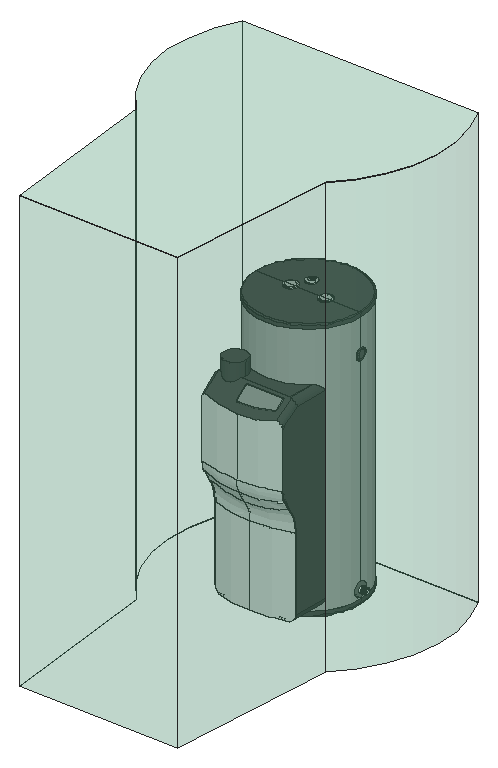
Revit family "Innovo BEFR_IR 24 285 BEFR NAT", category Mechanical Equipment, Revit 2015
Parameters (values of type "IR-24-285 BEFR NAT")
  largeur d'emballage = 786 mm  # constant formula
  l'Intervalle d'Entretien = "12 mois"  # constant formula
  Workspace Radius = Diameter + 170 mm  # 780 mm
  Workspace Height = Hauteur + 1000 mm  # 2545 mm
  Workspace Front Distance = 1000 mm
  Workspace [instance] = yes
  Valve Height 02 = if(and(Hauteur = 1745 mm, Diameter = 675 mm), 1518 mm, if(and(Hauteur = 1745 mm, Diameter = 610 mm), 1534 mm, if(Hauteur = 1545 mm, 1328 mm, 1070 mm)))  # 1328 mm
  Valve Height 01 = if(and(Diameter > 560 mm), 693 mm, 604 mm)  # 693 mm
  Valeur Maximale du Thermostat de Régulation = 85 °C  # constant formula
  Valeur Manimale du Thermostat de Régulation = 40 °C  # constant formula
  Valeur Défaut du Thermostat de Régulation = 65 °C  # constant formula
  URL = "www.aosmith.be"
  Type d'Installation = "B23/C13/C33/C43/C53/C63"  # constant formula
  Type d'emballage = "Carton et bois"  # constant formula
  Tension d'Alimentation (-15%, +10%) = 230 V  # constant formula
  Température Maximale des Fumées = 57 °C
  Temps de réchauffement à ΔT = 70°C = "40"
  Temps de réchauffement à ΔT = 55°C = "32"
  Temps de réchauffement à ΔT = 50°C = "29"
  Temps de réchauffement à ΔT = 44°C = "25"
  Temps de réchauffement à ΔT = 28°C = "16"
  Spécifications du Produit = ""
  Réglages du thermostat du chauffe-eau = 65 °C  # constant formula
  Réglage Standard Pour = "G20/G25"
  Rendement Saisonnier (Hs) = [Rendement (Hs, acc. NEN-EN 89 - 1999)]  # 96
  Rendement (Hs, acc. NEN-EN 89 - 1999) = 96
  Rendement (Hi, acc. NEN-EN 89 - 1999) = 107
  Raccord Évacuation de la Condensation = 40 mm  # constant formula
  Raccord de la Soupape de Vidange = 1"
  Raccord de Sortie d'Eau Chaude = 1"
  Raccord de Gaz = 15"  # constant formula
  Raccord d'Alimentation en Eau Froide = 3/4"  # constant formula
  Raccord Robinet de Vidange = 3/4"  # constant formula
  Puissance Électrique Absorbée (sommet) = 105 W
  Puissance Électrique Absorbée (nominal) = 51 W
  Profondeur d'emballage = 946 mm  # constant formula
  Profondeur = 780 mm  # constant formula
  Profils de soutirage déclaré = "XXL"
  Production Nominale = "23500.0/19600.0"
  Pression de Fonctionnement Maximale = 800000.0 Pa  # constant formula
  Pression Différentielle d'Ouverture de l'Interrupteur de Pression < = 210.0 Pa
  Pression Amont de Gaz = "2000/2500 Pa"
  Precaustions during assembling, installation or maintenance = "voir Manuel d'installation, d'emploi er d'entretien"  # constant formula
  Poids à vide = 120 kg
  Poids de Transport = 136 kg
  Phase = 1
  Pertes en Veille - tous les jours (24h) = 0 W
  Pertes en Veille = 0 W
  Nombre de modèle du produit (EAN) = "8717449286132"
  Niveau du Son dB (A) = "<45"  # constant formula
  Niveau de puissance acoustique à l'intérieur = "53 dB"
  NOx-émissions mg/kWh = "33.0/25.0"
  NOx-émissions (ven air, 0% O2) ppm = "21.0/15.0"
  Modèdele = "IR-24-285"
  Model = "IR-24-245 FR NAT"
  Marque commerciale = "A.O. Smith"  # constant formula
  Manufacturer = "A.O. Smith Water Products Company b.v."  # constant formula
  Largeur = Diameter  # 610 mm
  La commande intelligente = no
  L'efficacité énergétique pour le chauffage de l'eau (2) = "-"
  L'efficacité énergétique pour le chauffage de l'eau (1) = "92%"
  Hauteur du Raccordement au Gaz = 920 mm
  Hauteur de la Sortie d'eau Chaude = 1545 mm
  Hauteur de l'Alimentation en eau Froide = 170 mm
  Hauteur d'emballage = 1695 mm
  Hauteur Conduit d'Évacuation des Fumées = 1345 mm
  Hauteur Conduit d'Alimentation en Air = 1345 mm
  Hauteur = 1545 mm
  Guide de Produit = ""
  Garantie sur la Cuve = "36 mois"  # constant formula
  Garantie Pièces = "12 mois"  # constant formula
  Fréquence secteur = 50 Hz  # constant formula
  Forctionner qu'en heures creuses = no
  Fabricant No. = "E 7110"  # constant formula
  Epaisseur d'Isolation = 44 mm
  Débit de vidage à ΔT = 70°C après 90 min. = 570.0 L
  Débit de vidage à ΔT = 70°C après 60 min. = 430.0 L
  Débit de vidage à ΔT = 70°C après 30 min. = 280.0 L
  Débit de vidage à ΔT = 70°C après 120 min. = 720.0 L
  Débit de vidage à ΔT = 55°C après 90 min. = 760.0 L
  Débit de vidage à ΔT = 55°C après 60 min. = 570.0 L
  Débit de vidage à ΔT = 55°C après 30 min. = 390.0 L
  Débit de vidage à ΔT = 55°C après 120 min. = 940.0 L
  Débit de vidage à ΔT = 50°C après 90 min. = 840.0 L
  Débit de vidage à ΔT = 50°C après 60 min. = 640.0 L
  Débit de vidage à ΔT = 50°C après 30 min. = 440.0 L
  Débit de vidage à ΔT = 50°C après 120 min. = 1100.0 L
  Débit de vidage à ΔT = 44°C après 90 min. = 970.0 L
  Débit de vidage à ΔT = 44°C après 60 min. = 740.0 L
  Débit de vidage à ΔT = 44°C après 30 min. = 510.0 L
  Débit de vidage à ΔT = 44°C après 120 min. = 1200.0 L
  Débit de vidage à ΔT = 28°C après 90 min. = 1600.0 L
  Débit de vidage à ΔT = 28°C après 60 min. = 1200.0 L
  Débit de vidage à ΔT = 28°C après 30 min. = 830.0 L
  Débit de vidage à ΔT = 28°C après 120 min. = 2000.0 L
  Débit de vidage en Continu à ΔT = 70°C = 290.0 L/s
  Débit de vidage en Continu à ΔT = 55°C = 370.0 L/s
  Débit de vidage en Continu à ΔT = 50°C = 400.0 L/s
  Débit de vidage en Continu à ΔT = 44°C = 460.0 L/s
  Débit de vidage en Continu à ΔT = 28°C = 730.0 L/s
  Diamètre Cheminée - Système Parallèle = "2x80"  # constant formula
  Diamètre Cheminée - Système Concentrique = "80/125 mm/mm"  # constant formula
  Diamètre Cheminée - Boiler = "80/125 mm/mm"  # constant formula
  Diameter = 610 mm
  Destination / Country = "Belgique"  # constant formula
  Description = "Préparateur ECS Solaire en Combinaison avec Réservoir de Stockage"  # constant formula
  D'autres profils de soutirage = "-"
  Created By = "http://www.cadcompany.nl/"
  Consommation de Gaz - Volume ltr/hr = "2.30/2.30"
  Consommation de Gaz - Masse kg/h = "a/p"
  Class d'efficacité énergétique (2) = "-"
  Class d'efficacité énergétique (1) = "A"  # constant formula
  Charge Nominale (Valeur Supérieure) = "24400.0/19600.0"
  Charge Nominale (Valeur Inférieure) = "22000.0/18300.0"
  Charge Maximale au Sol = 381 kg
  Catégorie de Gaz = "I2E(S)B"
  Capacité = 245.0 L
  CO2 Émissions (tol. +/- 1.0) vol% = "9.3/7.5"
  CE-PIN = "0063CQ3037"  # constant formula
  BIM Content Developer = "CAD & Company"  # constant formula
  Assembly Code = "D3010"
  Annual fuel consumption (2) = "-"
  Annual fuel consumption (1) = "21 GJ GCV"
  Annual electricity consumption (2) = "-"
  Annual electricity consumption (1) = "42 kWh"
  2ème Entretien (Entretien Général) = "12 mois après l'installation"  # constant formula
  1er Entretien (check-up) = "3 mois après l'installation"  # constant formula
Reference planes
  plane 1 "Center (Front/Back)": y = 0
  plane 2: z = 0
  plane 3 "Center (Left/Right)": x = 0
  plane 4 "Pipe": through (-383.901, 912.349, 194.799) normal (-0.0879, -0.0879, 0.9923)
  plane 5 "footing": y = 118.925
  plane 6 "footing front": y = -237.85
  plane 7: x = -305
  plane 8: x = 305
  plane 9: z = 1545
Forms (mm)
  Revolve 1, solid, material "RAL 9005", detail levels medium+fine
    sketch origin (0, -237.85, 0) x (-1, 0, 0) y (0, 0, 1)
      loop
        line (0, 28.9) -> (-15, 28.9) -> (-15, 26.4) -> (-8.671, 26.4) -> (-8.671, 18) -> (-5.686, 18) -> (-6.626, 17.06) -> (-6.626, 12.06) -> (-8.671, 12.06) -> (-8.671, 10) -> (-10.031, 10) -> (-23.271, 5.181)
        arc (-23.271, 5.181) -> (-23.763, 4.836) -> (-24.017, 4.293) r 1.159
        line (-24.017, 4.293) -> (-24.017, 1.03)
        arc (-24.017, 1.03) -> (-23.715, 0.302) -> (-22.986, 0) r 1.03
        line (-22.986, 0) -> (0, 0) -> (0, 28.9)
      axis (0, 28.9) -> (0, 0)
    angle from 0 to 360
  Revolve 2, solid, material "RAL 9005", detail levels medium+fine
    sketch origin (0, 118.925, 0) x (-1, 0, 0) y (0, 0, 1)
      loop
        line (-205.984, 28.9) -> (-220.984, 28.9) -> (-220.984, 26.4) -> (-214.655, 26.4) -> (-214.655, 18) -> (-211.67, 18) -> (-212.61, 17.06) -> (-212.61, 12.06) -> (-214.655, 12.06) -> (-214.655, 10) -> (-216.015, 10) -> (-229.256, 5.181)
        arc (-229.256, 5.181) -> (-229.747, 4.836) -> (-230.001, 4.293) r 1.159
        line (-230.001, 4.293) -> (-230.001, 1.03)
        arc (-230.001, 1.03) -> (-229.699, 0.302) -> (-228.971, 0) r 1.03
        line (-228.971, 0) -> (-205.984, 0) -> (-205.984, 28.9)
      axis (-205.984, 28.9) -> (-205.984, 0)
    angle from 0 to 360
  Revolve 3, solid, material "RAL 9005", detail levels medium+fine
    sketch origin (0, 118.925, 0) x (-1, 0, 0) y (0, 0, 1)
      loop
        line (204.016, 28.9) -> (189.016, 28.9) -> (189.016, 26.4) -> (195.345, 26.4) -> (195.345, 18) -> (198.33, 18) -> (197.39, 17.06) -> (197.39, 12.06) -> (195.345, 12.06) -> (195.345, 10) -> (193.985, 10) -> (180.744, 5.181)
        arc (180.744, 5.181) -> (180.253, 4.836) -> (179.999, 4.293) r 1.159
        line (179.999, 4.293) -> (179.999, 1.03)
        arc (179.999, 1.03) -> (180.301, 0.302) -> (181.029, 0) r 1.03
        line (181.029, 0) -> (204.016, 0) -> (204.016, 28.9)
      axis (204.016, 28.9) -> (204.016, 0)
    angle from 0 to 360
Lines and regions (mm)
  symbolic lines
    curve 1: line (0, 280.06, 0) -> (0, -280.06, 0)
    curve 2: line (-280.06, 0, 0) -> (280.06, 0, 0)
  symbolic lines, style "Workspace"
    curve 3: line (681.142, 380.06, 0) -> (-681.142, 380.06, 0)
    curve 4: arc (-681.142, 380.06, 0) -> (-777.325, -64.546, 0) -> (-609.127, -487.2, 0) r 780
    curve 5: line (-609.127, -487.2, 0) -> (-421.783, -1517.825, 0)
    curve 6: line (-421.783, -1517.825, 0) -> (424.03, -1517.825, 0)
    curve 7: line (424.03, -1517.825, 0) -> (611.027, -484.816, 0)
    curve 8: arc (611.027, -484.816, 0) -> (777.449, -63.027, 0) -> (681.142, 380.06, 0) r 780
Dimensions and locks
  plane 5 "footing" to plane 1 "Center (Front/Back)" = 118.925 mm
  plane 1 "Center (Front/Back)" to plane 6 "footing front" = 237.85 mm
  "Diameter": plane 7 to plane 8
  equal spacing: plane 7, plane 3 "Center (Left/Right)", plane 8
  "Hauteur": plane 9 to plane 2
  "Workspace Front Distance": curve 6 to nested 3
  "Workspace Radius": radius of curve 4
  "Workspace Radius": radius of curve 8
  aligned and locked: level to plane 2
  aligned and locked: nested 3 to Revolve 1 sketch curve
  aligned and locked: plane 3 "Center (Left/Right)" to Revolve 1 sketch curve
  aligned and locked: nested 3 to plane 1 "Center (Front/Back)"
  aligned and locked: plane 3 "Center (Left/Right)" to nested 3
  aligned and locked: nested 1 to plane 8
  aligned and locked: nested 5 to plane 8
  aligned and locked: nested 2 to plane 7
  aligned and locked: nested 4 to plane 7
  aligned and locked: nested 7 to plane 7
  aligned and locked: nested 8 to plane 3 "Center (Left/Right)"
  aligned and locked: plane 1 "Center (Front/Back)" to nested 8
  aligned and locked: nested 8 to nested 3
  aligned and locked: curve 3 to nested 8
Automatic sketch dimensions
  Revolve 1 sketch curve to level = 0 mm
  plane 3 "Center (Left/Right)" to Revolve 1 sketch curve = 5.686 mm
  Revolve 1 sketch curve to Revolve 1 sketch curve = 0.94 mm  (x2)
  Revolve 1 sketch curve to Revolve 1 sketch curve = 2.046 mm  (x2)
  Revolve 1 sketch curve to Revolve 1 sketch curve = 1.359 mm
  Revolve 1 sketch curve to Revolve 1 sketch curve = 6.329 mm
  level to Revolve 1 sketch curve = 4.091 mm
  Revolve 1 sketch curve to Revolve 1 sketch curve = 12.844 mm
  level to Revolve 1 sketch curve = 1.03 mm
  Revolve 1 sketch curve to Revolve 1 sketch curve = 0.111 mm
  level to Revolve 1 sketch curve = 5.181 mm
  Revolve 1 sketch curve to Revolve 1 sketch curve = 0.745 mm
  level to Revolve 1 sketch curve = 10 mm
  Revolve 1 sketch curve to Revolve 1 sketch curve = 2.06 mm
  Revolve 1 sketch curve to Revolve 1 sketch curve = 5 mm
  Revolve 1 sketch curve to Revolve 1 sketch curve = 8.4 mm
  Revolve 1 sketch curve to Revolve 1 sketch curve = 2.5 mm
  Revolve 1 sketch curve to level = 19.635 mm
  Revolve 1 sketch curve to Revolve 1 sketch curve = 46.465 mm
  Revolve 2 sketch curve to level = 0 mm
  level to Revolve 2 sketch curve = 1.03 mm
  Revolve 2 sketch curve to plane 8 = 74.999 mm
  level to Revolve 2 sketch curve = 5.181 mm
  Revolve 2 sketch curve to Revolve 2 sketch curve = 0.745 mm
  Revolve 2 sketch curve to Revolve 2 sketch curve = 0.397 mm
  Revolve 2 sketch curve to Revolve 2 sketch curve = 8.271 mm
  Revolve 2 sketch curve to Revolve 2 sketch curve = 13.241 mm
  Revolve 2 sketch curve to Revolve 2 sketch curve = 1.359 mm
  Revolve 2 sketch curve to Revolve 2 sketch curve = 6.329 mm
  Revolve 2 sketch curve to Revolve 2 sketch curve = 2.046 mm
  level to Revolve 2 sketch curve = 18 mm
  Revolve 2 sketch curve to Revolve 2 sketch curve = 0.94 mm  (x2)
  Revolve 2 sketch curve to Revolve 2 sketch curve = 8.671 mm
  Revolve 2 sketch curve to Revolve 2 sketch curve = 1.089 mm
  Revolve 2 sketch curve to Revolve 2 sketch curve = 8 mm
  Revolve 2 sketch curve to Revolve 2 sketch curve = 2.06 mm
  Revolve 2 sketch curve to Revolve 2 sketch curve = 8.4 mm
  Revolve 2 sketch curve to Revolve 2 sketch curve = 2.5 mm
  Revolve 2 sketch curve to Revolve 2 sketch curve = 0 mm
  Revolve 2 sketch curve to level = 19.635 mm
  Revolve 2 sketch curve to Revolve 2 sketch curve = 46.465 mm
  Revolve 3 sketch curve to level = 0 mm
  level to Revolve 3 sketch curve = 1.03 mm
  Revolve 3 sketch curve to plane 7 = 125.001 mm
  level to Revolve 3 sketch curve = 5.181 mm
  Revolve 3 sketch curve to Revolve 3 sketch curve = 0.745 mm
  Revolve 3 sketch curve to Revolve 3 sketch curve = 0.397 mm
  Revolve 3 sketch curve to Revolve 3 sketch curve = 8.271 mm
  Revolve 3 sketch curve to Revolve 3 sketch curve = 13.241 mm
  Revolve 3 sketch curve to Revolve 3 sketch curve = 1.359 mm
  Revolve 3 sketch curve to Revolve 3 sketch curve = 6.329 mm
  Revolve 3 sketch curve to Revolve 3 sketch curve = 2.046 mm
  level to Revolve 3 sketch curve = 18 mm
  Revolve 3 sketch curve to Revolve 3 sketch curve = 0.94 mm  (x2)
  Revolve 3 sketch curve to Revolve 3 sketch curve = 8.671 mm
  Revolve 3 sketch curve to Revolve 3 sketch curve = 1.089 mm
  Revolve 3 sketch curve to Revolve 3 sketch curve = 8 mm
  Revolve 3 sketch curve to Revolve 3 sketch curve = 2.06 mm
  Revolve 3 sketch curve to Revolve 3 sketch curve = 8.4 mm
  Revolve 3 sketch curve to Revolve 3 sketch curve = 2.5 mm
  Revolve 3 sketch curve to Revolve 3 sketch curve = 0 mm
  Revolve 3 sketch curve to level = 19.635 mm
  Revolve 3 sketch curve to Revolve 3 sketch curve = 46.465 mm
  curve 4 to curve 8 = 0 mm  (x2)
  plane 1 "Center (Front/Back)" to curve 2 = 0 mm
  curve 1 to plane 3 "Center (Left/Right)" = 0 mm
  plane 1 "Center (Front/Back)" to curve 4 = 0 mm
  curve 4 to plane 3 "Center (Left/Right)" = 0 mm
  curve 5 to plane 6 "footing front" = 249.35 mm
  plane 7 to curve 5 = 116.783 mm
  plane 8 to curve 7 = 119.03 mm
  curve 7 to plane 6 "footing front" = 246.966 mm
  curve 2 to plane 7 = 24.94 mm
  curve 2 to plane 8 = 24.94 mm
  curve 1 to plane 6 "footing front" = 42.21 mm
  plane 5 "footing" to curve 1 = 161.135 mm
Nested families
  nested 1: "Valve" at (305, -0.38, 1328) x (0, 1, 0) z (0, 0, 1), built-in parameter 1001364 <- "Valve Height 02", type "Valve"
  nested 2: "Drain Valve" at (-305, 0, 1328), built-in parameter 1001364 <- "Valve Height 02", type "Drain Valve"
  nested 3: "Housing Mother Housing S 57 (external)" at (0, -299.886, 0), type "Housing Mother_Housing S_57"
    with radius 305 mm, distance to boiler center 154 mm, diameter 610 mm
  nested 4: "Drain Valve" at (-305, 0, 177), type "Drain Valve"
  nested 5: "Drain Valve" at (305, 0, 107) x (-1, 0, 0) z (0, 0, 1), type "Drain Valve"
  nested 6: "Boiler" at (0, 0, 0), height <- "Hauteur", type "Boiler"
    with height 1545 mm, radius 305 mm, Diameter 610 mm
  nested 7: "Drain Valve" at (-305, 0, 693), built-in parameter 1001364 <- "Valve Height 01", type "Drain Valve"
  nested 8: "Innovo_workspace" at (0, 0, 0), Workspace <- "Workspace", Workspace Distance Front <- "Workspace Front Distance", Workspace Height <- "Workspace Height", Workspace Radius <- "Workspace Radius", type "Workspace"
    with Workspace Radius 780 mm, Workspace Height 2545 mm, Workspace Distance Front 1000 mm, Workspace yes, Center to Front 517.825 mm
Connectors
  piping at (339.826, 0, 107), diameter 19.05, driven by "Raccord Robinet de Vidange"
    settings: on nested 5, index 1, connector inside diameter 24", connector length 0 mm, flow factor 0, pipe flow 0.0 L/s, pressure drop 0.0 Pa, fitting loss kfactor 0, connector angle 0.00°, fixture units 0, engagement length 0 mm, angle of deflection 0.00°, flow configuration 0, flow direction 0, fitting loss method 0, system type 19, joint type 0, gender type 0, connector reference index -1, connector utility 0, adjustable connector no, is connector primary yes, connector description ""
  hvac at (-147.013, -346.326, 1310.674)
    settings: on nested 3, index 2, duct flow 0.0 L/s, flow factor 0, pres drop 0.0 Pa, loss coef 0, conn angle 0.00°, conn width 304.8 mm, conn height 304.8 mm, conn diameter 125 mm, duct sys type 4, conn prof type 0, flow config 0, flow direction 0, loss method 0, conn ref index -1, conn util no, is conn primary yes, conn desc ""
Definition of nested family "Valve"
  Parameters (values of type "Valve")
    Type Comments = "T&P valve (internal)"
    Manufacturer = "A.O. Smith"
  Reference planes
    plane 1 "Center (Front/Back)": y = 0
    plane 2: z = 0
    plane 3 "Center (Left/Right)": x = 0
  Forms (mm)
    Extrusion 1, solid, detail levels fine
      sketch origin (0, 0, 0) x (1, 0, 0) y (0, 0, 1)
        loop
          circle (0, 0) r 31.5
      from -2.271 to 1.4
    Sweep 2, solid, detail levels fine
      path origin (0, -1.4, 0) x (1, 0, 0) y (0, 0, 1)
        loop
          circle (0, 0) r 31.5
      profile origin (0, -1.4, 31.5) x (0, 0, -1) y (0, -1, 0)
        loop
          line (7.3, 0) -> (7.3, 3) -> (0, 0) -> (7.3, 0)
  Dimensions and locks
    aligned and locked: level to plane 2
Definition of nested family "Drain Valve"
  Reference planes
    plane 1 "Center (Front/Back)": y = 0
    plane 2: z = 0
    plane 3 "Center (Left/Right)": x = 0
  Forms (mm)
    Revolve 1, solid, detail levels medium+fine
      sketch origin (0, 0, 0) x (1, 0, 0) y (0, 0, 1)
        loop
          line (-33.442, 15.696) -> (-34.826, 14.329) -> (-34.93, 12.731) -> (-16.555, 12.731) -> (-16.555, 0) -> (15.787, 0) -> (15.787, 18.3) -> (-14.4, 18.3) -> (-17.148, 15.533) -> (-18.729, 16.697) -> (-20.091, 15.333) -> (-21.672, 16.496) -> (-23.034, 15.133) -> (-24.614, 16.296) -> (-25.976, 14.932) -> (-27.557, 16.096) -> (-28.919, 14.732) -> (-30.5, 15.896) -> (-31.862, 14.532) -> (-33.442, 15.696)
        axis (-34.93, 0) -> (15.787, 0)
      angle from 0 to 360
  Dimensions and locks
    aligned and locked: level to plane 2
  Nested families
    nested 1: "Rubber sealing" at (2.592, -0.155, 0) x (0.0023, -1, 0) z (0, 0, 1), type "Rubber sealing", detail levels fine
  Definition of nested family "Rubber sealing"
    Reference planes
      plane 1 "Center (Front/Back)": y = 0
      plane 2: z = 0
      plane 3 "Center (Left/Right)": x = 0
    Forms (mm)
      Extrusion 1, solid, detail levels fine
        sketch origin (141.861, 319.581, 0) x (1, 0, 0) y (0, 1, 0)
          loop
            line (-216.354, -311.898) -> (-216.354, -313.94)
            arc (-216.354, -313.94) -> (-141.602, -321.581) -> (-66.861, -313.835) r 366.966
            line (-66.861, -313.835) -> (-66.861, -311.791)
            arc (-66.861, -311.791) -> (-141.602, -319.581) -> (-216.354, -311.898) r 364.966
        from -80 to 80
      Extrusion 2, void
        sketch origin (141.861, 319.581, 0) x (1, 0, 0) y (0, 0, 1)
          loop
            circle (-141.861, 0) r 13
          loop
            circle (-141.861, 0) r 110
          loop
            circle (-141.861, 0) r 40
        from 311.563 to 332.684
      Extrusion 3, void
        sketch origin (141.861, 319.581, 0) x (1, 0, 0) y (0, 0, 1)
          loop
            circle (-141.861, 0) r 18.25
        from 315.524 to 326.084
    Cuts and joins
      Extrusion 2, Extrusion 3 cuts Extrusion 1
    Dimensions and locks
      aligned and locked: level to plane 2
Definition of nested family "Housing Mother Housing S 57 (external)"
  Parameters (values of type "Housing Mother_Housing S_57")
    radius [instance] = 280 mm
    distance to boiler center = if(diameter = 675 mm, 189 mm, if(diameter = 610 mm, 154 mm, 129 mm))  # 129 mm
    diameter = 560 mm
  Reference planes
    plane 1 "Center (Front/Back)": y = 0
    plane 2: z = 0
    plane 3 "Center (Left/Right)": x = 0
    plane 4 "left": through (-245.286, 145.886, 1200) normal (0.9994, 0.0349, 0)
    plane 5: y = -217.939
    plane 6: y = 145.886
    plane 7: z = 1232.6
    plane 8: z = 65.89
    plane 9 "right": through (245.286, 145.886, 1200) normal (0.9994, -0.0349, 0)
    plane 10 "display": through (0, -90.37, 1221.196) normal (0, -0.5736, 0.8192)
    plane 11 "Potentiostat": z = 867.899
    plane 12 "boiler center": y = 274.886
    plane 13: x = -280
    plane 14: x = 280
  Forms (mm)
    Extrusion 1, solid
      sketch origin (0, 0, 0) x (1, 0, 0) y (0, 1, 0)
        loop
          line (-245.286, 145.886) -> (-232.581, -217.939) -> (232.581, -217.939) -> (245.286, 145.886)
          arc (245.286, 145.886) -> (0, 0.923) -> (-245.286, 145.886) r 280
      from 0 to 1232.6
    Sweep 2, void
      path origin (0, 0, 0) x (0, 1, 0) y (0, 0, 1)
        loop
          line (-217.939, 1232.6) -> (-217.939, 795.555)
          arc (-217.939, 795.555) -> (-212.387, 754.285) -> (-197.694, 715.322) r 183.924
          arc (-197.694, 715.322) -> (-179.915, 684.628) -> (-159.106, 655.901) r 348.284
          arc (-159.106, 655.901) -> (-131.411, 600.328) -> (-121.88, 538.973) r 202.254
          line (-121.88, 538.973) -> (-121.88, 61.106)
      profile origin (0, -217.939, 1014.077) x (1, 0, 0) y (0, 1, 0)
        loop
          arc (0, 0) -> (-117.533, 9.941) -> (-231.728, 39.475) r 699.984
          arc (-231.728, 39.475) -> (-233.391, 40.705) -> (-234.07, 42.659) r 3.505
          line (-234.07, 42.659) -> (-254.062, 42.659) -> (-254.062, -142.593) -> (254.07, -142.593) -> (254.07, 42.659) -> (234.07, 42.659)
          arc (234.07, 42.659) -> (233.391, 40.705) -> (231.728, 39.475) r 3.505
          arc (231.728, 39.475) -> (117.533, 9.941) -> (0, 0) r 699.984
    Extrusion 3, void
      sketch origin (0, 0, 0) x (0, 1, 0) y (0, 0, 1)
        loop
          arc (102.864, 70.869) -> (99.804, 70.709) -> (96.874, 69.813) r 12.57
          arc (96.874, 69.813) -> (87.878, 66.533) -> (78.516, 64.529) r 69.114
          arc (78.516, 64.529) -> (76.41, 64.284) -> (74.294, 64.148) r 41.206
          arc (74.294, 64.148) -> (65.203, 64.335) -> (56.122, 64.782) r 318.661
          arc (56.122, 64.782) -> (30.585, 66.179) -> (5.028, 67.128) r 1456.581
          line (5.028, 67.128) -> (-84.534, 73.135)
          arc (-84.534, 73.135) -> (-86.363, 73.808) -> (-87.536, 75.365) r 3.455
          line (-87.536, 75.365) -> (-264.473, 75.365) -> (-264.473, 0) -> (160.886, 0) -> (160.886, 103.945) -> (145.886, 103.945)
          arc (145.886, 103.945) -> (145.104, 97.827) -> (142.923, 92.059) r 26.364
          arc (142.923, 92.059) -> (141.067, 88.936) -> (138.867, 86.045) r 31.715
          arc (138.867, 86.045) -> (135.576, 82.49) -> (132.021, 79.2) r 62.615
          arc (132.021, 79.2) -> (125.841, 74.697) -> (119.091, 71.103) r 54.444
          arc (119.091, 71.103) -> (116.371, 70.272) -> (113.531, 70.123) r 11.669
          line (113.531, 70.123) -> (102.864, 70.869)
      from -254.062 to 254.07
    Sweep 4, void
      path origin (0, 0, 0) x (1, 0, 0) y (0, 1, 0)
        loop
          line (-245.286, 145.886) -> (-232.581, -217.939)
      profile origin (-238.933, -36.027, 0) x (0.999391, 0.034899, 0) y (0, 0, 1)
        loop
          line (-4.454, 0) -> (47.084, 0) -> (47.084, 73.431)
          arc (47.084, 73.431) -> (14.222, 85.134) -> (0.255, 117.1) r 43.922
          line (0.255, 117.1) -> (-4.454, 117.1) -> (-4.454, 0)
    Sweep 5, void
      path origin (0, 0, 0) x (-1, 0, 0) y (0, 1, 0)
        loop
          line (-245.286, 145.886) -> (-232.581, -217.939)
      profile origin (238.933, -36.027, 0) x (0.999391, -0.034899, 0) y (0, 0, 1)
        loop
          line (4.454, 0) -> (4.454, 117.1) -> (-0.255, 117.1)
          arc (-0.255, 117.1) -> (-14.222, 85.134) -> (-47.084, 73.431) r 43.922
          line (-47.084, 73.431) -> (-47.084, 0) -> (4.454, 0)
    Sweep 6, void
      path origin (-239.899, -8.377, 0) x (-0.034899, 0.999391, 0) y (0, 0, 1)
        loop
          line (-209.69, 1141.272) -> (-79.18, 1232.6) -> (154.358, 1232.6)
      profile origin (-241.211, 29.188, 1232.6) x (0, 0, 1) y (0.999391, 0.034899, 0)
        loop
          line (-45, -30) -> (75, -30) -> (75, 0) -> (75, 55) -> (2.799, 55) -> (-1.253, 35.128)
          arc (-1.253, 35.128) -> (-16.771, 9.564) -> (-45, -0.308) r 44.287
          line (-45, -0.308) -> (-45, -30)
    Sweep 7, void
      path origin (239.899, -8.377, 0) x (0.034899, 0.999391, 0) y (0, 0, 1)
        loop
          line (-209.69, 1141.272) -> (-79.18, 1232.6) -> (154.358, 1232.6)
      profile origin (241.211, 29.188, 1232.6) x (0, 0, -1) y (-0.999391, 0.034899, 0)
        loop
          line (-75, -25) -> (45, -25) -> (45, -0.308)
          arc (45, -0.308) -> (16.771, 9.564) -> (1.253, 35.128) r 44.287
          line (1.253, 35.128) -> (-2.799, 55) -> (-75, 55) -> (-75, -25)
    Extrusion 8, void
      sketch origin (0, 0, 0) x (0, 1, 0) y (0, 0, 1)
        loop
          line (-270, 1336.099) -> (-270, 1099.081) -> (68.497, 1336.099) -> (-270, 1336.099)
      from -425.038 to 444.42
    Extrusion 9, solid, detail levels medium+fine
      sketch origin (0, 0, 0) x (1, 0, 0) y (0, 1, 0)
        loop
          circle (-147.013, -46.44) r 65
      from 1163.174 to 1310.674
    Extrusion 10, void
      sketch origin (0, -603.506, 861.895) x (0, 0.819152, 0.573576) y (-1, 0, 0)
        loop
          arc (618.322, -173) -> (623.272, -170.95) -> (625.322, -166) r 7
          line (625.322, -166) -> (625.322, 35)
          arc (625.322, 35) -> (623.272, 39.95) -> (618.322, 42) r 7
          line (618.322, 42) -> (535.473, 42)
          arc (535.473, 42) -> (530.688, 40.11) -> (528.488, 35.46) r 7
          arc (528.488, 35.46) -> (531.569, -67.592) -> (554.18, -168.18) r 540
          arc (554.18, -168.18) -> (556.724, -171.668) -> (560.831, -173) r 7
          line (560.831, -173) -> (618.322, -173)
      from 0 to 137.286
    Sweep 11, solid, detail levels fine
      path origin (0, 0, 867.899) x (-1, 0, 0) y (0, -1, 0)
        loop
          line (309.749, -35.617) -> (204.371, -35.617)
          arc (204.371, -35.617) -> (196.509, -34.687) -> (189.082, -31.947) r 33.677
          line (189.082, -31.947) -> (-9.574, 69.274)
      profile origin (-257.06, 35.617, 867.899) x (0, 1, 0) y (0, 0, 1)
        loop
          circle (0, 0) r 7.316
        loop
          circle (0, 0) r 6.465
    Revolve 12, void
      sketch origin (0, 274.886, 0) x (-1, 0, 0) y (0, 0, 1)
        loop
          line (280, 1243.838) -> (0, 1243.838) -> (0, 54.9) -> (280, 54.9) -> (280, 1243.838)
        axis (0, 1243.838) -> (0, 54.9)
      angle from 0 to 360
  Cuts and joins
    Sweep 2, Extrusion 3, Sweep 4, Sweep 5, Sweep 6, Sweep 7, Extrusion 8, Extrusion 10, Revolve 12 cuts Extrusion 1
  Dimensions and locks
    plane 8 to plane 2 = 65.89 mm
    plane 7 to plane 8 = 1166.71 mm
    "distance to boiler center": plane 12 "boiler center" to plane 6
    "diameter": plane 14 to plane 13
    equal spacing: plane 14, plane 3 "Center (Left/Right)", plane 13
    "radius": plane 3 "Center (Left/Right)" to plane 13
    aligned and locked: level to plane 2
    aligned and locked: Extrusion 1 to plane 7
    aligned and locked: Extrusion 1 sketch curve to plane 5
    aligned and locked: Sweep 2 to Extrusion 3
    aligned and locked: Extrusion 3 to Sweep 2  (x2)
    aligned and locked: plane 7 to Sweep 2 sketch curve
    aligned and locked: plane 3 "Center (Left/Right)" to Revolve 12 sketch curve
    aligned and locked: Revolve 12 sketch curve to plane 3 "Center (Left/Right)"
    aligned and locked: plane 13 to Revolve 12 sketch curve
  Automatic sketch dimensions
    Extrusion 1 sketch curve to plane 4 "left" = 0 mm  (x2)
    Extrusion 1 sketch curve to plane 6 = 0 mm  (x2)
    Extrusion 1 sketch curve to plane 3 "Center (Left/Right)" = 0 mm
    Extrusion 1 sketch curve to plane 9 "right" = 0 mm
    plane 6 to Extrusion 1 sketch curve = 135.037 mm
    Sweep 2 sketch curve to plane 5 = 0 mm
    plane 5 to Sweep 2 sketch curve = 106.195 mm
    Sweep 2 sketch curve to plane 5 = 96.059 mm
    plane 1 "Center (Front/Back)" to Sweep 2 sketch curve = 34.053 mm
    plane 11 "Potentiostat" to Sweep 2 sketch curve = 6.417 mm
    Sweep 2 sketch curve to plane 6 = 33.705 mm
    Sweep 2 sketch curve to plane 11 "Potentiostat" = 68.615 mm
    Sweep 2 sketch curve to plane 11 "Potentiostat" = 72.345 mm
    Sweep 2 sketch curve to Sweep 2 sketch curve = 176.349 mm
    Sweep 2 sketch curve to Sweep 2 sketch curve = 0 mm  (x2)
    plane 8 to Sweep 2 sketch curve = 4.784 mm
    Extrusion 3 sketch curve to level = 0 mm
    Extrusion 3 sketch curve to plane 6 = 0 mm
    Extrusion 3 sketch curve to plane 6 = 26.363 mm
    Extrusion 3 sketch curve to Extrusion 3 sketch curve = 4.75 mm
    Extrusion 3 sketch curve to Extrusion 3 sketch curve = 5.179 mm
    Extrusion 3 sketch curve to plane 8 = 4.232 mm
    Extrusion 3 sketch curve to Extrusion 3 sketch curve = 0.814 mm
    Extrusion 3 sketch curve to plane 8 = 4.978 mm
    Extrusion 3 sketch curve to Extrusion 3 sketch curve = 10.667 mm
    Extrusion 3 sketch curve to Extrusion 3 sketch curve = 0.877 mm
    Extrusion 3 sketch curve to Extrusion 3 sketch curve = 17.827 mm
    Extrusion 3 sketch curve to Extrusion 3 sketch curve = 5.646 mm
    Extrusion 3 sketch curve to plane 6 = 69.562 mm
    Extrusion 3 sketch curve to Extrusion 3 sketch curve = 18.6 mm
    Extrusion 3 sketch curve to Extrusion 3 sketch curve = 22.538 mm
    Extrusion 3 sketch curve to plane 8 = 1.238 mm
    Extrusion 3 sketch curve to plane 1 "Center (Front/Back)" = 5.028 mm
    plane 1 "Center (Front/Back)" to Extrusion 3 sketch curve = 36.224 mm
    Extrusion 3 sketch curve to plane 8 = 10.692 mm
    plane 1 "Center (Front/Back)" to Extrusion 3 sketch curve = 84.302 mm
    Extrusion 3 sketch curve to plane 8 = 7.244 mm
    Extrusion 3 sketch curve to Extrusion 3 sketch curve = 0.231 mm
    Extrusion 3 sketch curve to Extrusion 3 sketch curve = 3.234 mm
    plane 5 to Extrusion 3 sketch curve = 46.534 mm
    plane 6 to Extrusion 3 sketch curve = 15 mm
    Extrusion 3 sketch curve to level = 1388.869 mm
    plane 8 to Extrusion 3 sketch curve = 7.561 mm
    Extrusion 3 sketch curve to Extrusion 3 sketch curve = 11.64 mm
    Extrusion 3 sketch curve to plane 8 = 38.054 mm
    Extrusion 3 sketch curve to Extrusion 3 sketch curve = 22.442 mm
    Extrusion 3 sketch curve to plane 8 = 39.432 mm
    Extrusion 3 sketch curve to Extrusion 3 sketch curve = 2.466 mm
    Extrusion 3 sketch curve to Extrusion 3 sketch curve = 14.17 mm
    Extrusion 3 sketch curve to Extrusion 3 sketch curve = 5.925 mm
    Extrusion 3 sketch curve to Extrusion 3 sketch curve = 6.186 mm
    Extrusion 3 sketch curve to Extrusion 3 sketch curve = 249.85 mm
    Extrusion 3 sketch curve to Extrusion 3 sketch curve = 0 mm  (x4)
    Extrusion 3 sketch curve to Extrusion 3 sketch curve = 6.845 mm
    plane 8 to Extrusion 3 sketch curve = 1.743 mm
    Sweep 4 sketch curve to plane 4 "left" = 0 mm  (x2)
    Sweep 4 sketch curve to plane 6 = 0 mm
    plane 5 to Sweep 4 sketch curve = 0 mm
    Sweep 4 sketch curve to level = 0 mm
    profile plane to Sweep 4 sketch curve = 4.454 mm
    Sweep 4 sketch curve to profile plane = 0.255 mm
    Sweep 4 sketch curve to Sweep 4 sketch curve = 43.922 mm
    Sweep 4 sketch curve to profile plane = 47.084 mm
    level to Sweep 4 sketch curve = 73.431 mm
    Sweep 4 sketch curve to Sweep 4 sketch curve = 43.669 mm
    Sweep 5 sketch curve to plane 6 = 0 mm
    Sweep 5 sketch curve to plane 9 "right" = 0 mm  (x2)
    plane 5 to Sweep 5 sketch curve = 0 mm
    Sweep 5 sketch curve to level = 0 mm
    profile plane to Sweep 5 sketch curve = 47.084 mm
    Sweep 5 sketch curve to Sweep 5 sketch curve = 2.907 mm
    profile plane to Sweep 5 sketch curve = 0.255 mm
    Sweep 5 sketch curve to profile plane = 4.454 mm
    level to Sweep 5 sketch curve = 73.431 mm
    Sweep 5 sketch curve to Sweep 5 sketch curve = 43.669 mm
    Sweep 6 sketch curve to plane 7 = 0 mm
    plane 7 to Sweep 6 sketch curve = 91.328 mm
    Sweep 6 sketch curve to Sweep 6 sketch curve = 130.509 mm
    Sweep 6 sketch curve to Sweep 6 sketch curve = 233.538 mm
    Sweep 6 sketch curve to plane 4 "left" = 0 mm
    profile plane to Sweep 6 sketch curve = 45 mm
    Sweep 6 sketch curve to Sweep 6 sketch curve = 0.354 mm
    profile plane to Sweep 6 sketch curve = 1.253 mm
    Sweep 6 sketch curve to profile plane = 2.799 mm
    Sweep 6 sketch curve to Sweep 6 sketch curve = 72.201 mm
    Sweep 6 sketch curve to plane 4 "left" = 0.308 mm
    Sweep 6 sketch curve to Sweep 6 sketch curve = 29.692 mm
    plane 4 "left" to Sweep 6 sketch curve = 35.128 mm
    plane 4 "left" to Sweep 6 sketch curve = 55 mm
    Sweep 7 sketch curve to plane 7 = 0 mm
    Sweep 7 sketch curve to plane 7 = 91.328 mm
    Sweep 7 sketch curve to Sweep 7 sketch curve = 130.509 mm
    Sweep 7 sketch curve to Sweep 7 sketch curve = 233.538 mm
    Sweep 7 sketch curve to plane 9 "right" = 25 mm
    profile plane to Sweep 7 sketch curve = 75 mm
    profile plane to Sweep 7 sketch curve = 2.799 mm
    Sweep 7 sketch curve to profile plane = 1.253 mm
    Sweep 7 sketch curve to Sweep 7 sketch curve = 43.393 mm
    Sweep 7 sketch curve to profile plane = 45 mm
    Sweep 7 sketch curve to plane 9 "right" = 0.308 mm
    plane 9 "right" to Sweep 7 sketch curve = 35.128 mm
    Sweep 7 sketch curve to Sweep 7 sketch curve = 19.872 mm
    plane 5 to Extrusion 8 sketch curve = 52.061 mm
    Extrusion 8 sketch curve to plane 1 "Center (Front/Back)" = 68.497 mm
    plane 7 to Extrusion 8 sketch curve = 133.519 mm
    Extrusion 8 sketch curve to plane 7 = 103.499 mm
    plane 1 "Center (Front/Back)" to Extrusion 9 sketch curve = 46.44 mm
    Extrusion 9 sketch curve to plane 3 "Center (Left/Right)" = 147.013 mm
    Extrusion 10 sketch curve to plane 3 "Center (Left/Right)" = 0 mm
    Extrusion 10 sketch curve to plane 3 "Center (Left/Right)" = 35 mm
    Extrusion 10 sketch curve to Extrusion 10 sketch curve = 25.359 mm
    Extrusion 10 sketch curve to Extrusion 10 sketch curve = 57.491 mm
    Extrusion 10 sketch curve to plane 3 "Center (Left/Right)" = 42 mm
    Extrusion 10 sketch curve to Extrusion 10 sketch curve = 82.85 mm
    Extrusion 10 sketch curve to Extrusion 10 sketch curve = 7 mm
    Extrusion 10 sketch curve to Extrusion 10 sketch curve = 442 mm
    plane 3 "Center (Left/Right)" to Extrusion 10 sketch curve = 166 mm
    Extrusion 10 sketch curve to Extrusion 10 sketch curve = 0 mm  (x2)
    Sweep 11 sketch curve to plane 1 "Center (Front/Back)" = 31.947 mm
    Sweep 11 sketch curve to plane 3 "Center (Left/Right)" = 189.082 mm
    Sweep 11 sketch curve to plane 1 "Center (Front/Back)" = 1.94 mm
    Sweep 11 sketch curve to Sweep 11 sketch curve = 15.289 mm
    plane 3 "Center (Left/Right)" to Sweep 11 sketch curve = 9.574 mm
    Sweep 11 sketch curve to Sweep 11 sketch curve = 105.378 mm
    plane 1 "Center (Front/Back)" to Sweep 11 sketch curve = 69.274 mm
    Sweep 11 sketch curve to Sweep 11 sketch curve = 0 mm  (x2)
    Sweep 11 sketch curve to plane 11 "Potentiostat" = 0 mm
    Sweep 11 sketch curve to profile plane = 0 mm
    plane 8 to Revolve 12 sketch curve = 10.99 mm
    Revolve 12 sketch curve to plane 7 = 11.238 mm
    Revolve 12 sketch curve to level = 366.045 mm
    Revolve 12 sketch curve to Revolve 12 sketch curve = 971.917 mm
    Sweep 2 sketch curve to plane 3 "Center (Left/Right)" = 0 mm
    profile plane to Sweep 2 sketch curve = 0 mm
    Sweep 2 sketch curve to plane 3 "Center (Left/Right)" = 0.016 mm
    Sweep 2 sketch curve to profile plane = 42.782 mm  (x2)
    Sweep 2 sketch curve to plane 3 "Center (Left/Right)" = 230.568 mm
    plane 3 "Center (Left/Right)" to Sweep 2 sketch curve = 0.016 mm
    plane 3 "Center (Left/Right)" to Sweep 2 sketch curve = 230.568 mm
    Sweep 2 sketch curve to Sweep 2 sketch curve = 3.502 mm  (x2)
    Sweep 2 sketch curve to Sweep 2 sketch curve = 20 mm
    profile plane to Sweep 2 sketch curve = 142.593 mm
    Sweep 2 sketch curve to Sweep 2 sketch curve = 0.122 mm  (x2)
    Sweep 2 sketch curve to Sweep 2 sketch curve = 657.203 mm
    Sweep 2 sketch curve to Sweep 2 sketch curve = 19.991 mm
    radius of Extrusion 9 sketch curve = 65 mm
    radius of Sweep 11 sketch curve = 7.316 mm
    radius of Sweep 11 sketch curve = 6.465 mm
  Nested families
    nested 1: "display" at (65.5, -130.939, 1192.79) x (-1, 0, 0) z (0, -0.5736, 0.8192), type "display"
  Definition of nested family "display"
    Parameters (values of type "display")
      Default Elevation = 1219.2 mm
    Reference planes
      plane 1 "Center (Front/Back)": y = 0
      plane 2: z = 0
      plane 3 "Center (Left/Right)": x = 0
    Forms (mm)
      Extrusion 1, solid, detail levels medium+fine
        sketch origin (-16.958, 11.842, -343.878) x (1, 0, 0) y (0, 0, -1)
          loop
            line (-233.523, -343.878) -> (-233.523, -346.592) -> (332.686, -346.592) -> (332.686, -343.878) -> (-233.523, -343.878)
        from -228.7 to 150.822
      Extrusion 2, void
        sketch origin (-16.958, 6.842, -343.878) x (1, 0, 0) y (0, 1, 0)
          loop
            line (-233.523, 155.822) -> (-233.523, -223.7) -> (332.686, -223.7) -> (332.686, 155.822) -> (-233.523, 155.822)
          loop
            arc (-90.542, -48.267) -> (-88.492, -53.216) -> (-83.542, -55.267) r 7
            line (-83.542, -55.267) -> (117.458, -55.267)
            arc (117.458, -55.267) -> (122.408, -53.216) -> (124.458, -48.267) r 7
            line (124.458, -48.267) -> (124.458, 34.583)
            arc (124.458, 34.583) -> (122.568, 39.368) -> (117.918, 41.568) r 7
            arc (117.918, 41.568) -> (14.866, 38.487) -> (-85.722, 15.876) r 540
            arc (-85.722, 15.876) -> (-89.21, 13.332) -> (-90.542, 9.224) r 7
            line (-90.542, 9.224) -> (-90.542, -48.267)
        from 328.878 to 363.083
    Cuts and joins
      Extrusion 2 cuts Extrusion 1
    Dimensions and locks
      aligned and locked: level to plane 2
Definition of nested family "Boiler"
  Parameters (values of type "Boiler")
    radius [instance] = 280 mm
    height [instance] = 1270 mm
    Diameter = 560 mm
  Reference planes
    plane 1 "Center (Front/Back)": y = 0
    plane 2: z = 0
    plane 3 "Center (Left/Right)": x = 0
    plane 4: z = 1243.838
    plane 5: z = 1270
    plane 6 "bottom": z = 28.9
    plane 7: z = 54.9
    plane 8 "top controle": y = 88
    plane 9: x = -280
    plane 10: x = 280
  Forms (mm)
    Revolve 1, solid
      sketch origin (0, 0, 0) x (1, 0, 0) y (0, 0, 1)
        loop
          line (0, 54.9) -> (-280, 54.9) -> (-280, 32.9)
          arc (-280, 32.9) -> (-278.828, 30.072) -> (-276, 28.9) r 4
          line (-276, 28.9) -> (0, 28.9) -> (0, 54.9)
        axis (0, 28.9) -> (0, 54.9)
      angle from 0 to 360
    Revolve 2, solid
      sketch origin (1.311, 0, 0) x (1, 0, 0) y (0, 0, 1)
        loop
          line (-278.86, 1243.838) -> (-278.86, 54.9) -> (-1.311, 54.9) -> (-1.311, 1243.838) -> (-278.86, 1243.838)
        axis (-1.311, 1243.838) -> (-1.311, 54.9)
      angle from 0 to 360
    Revolve 3, solid
      sketch origin (-9.205, 0, 377.212) x (-1, 0, 0) y (0, 0, 1)
        loop
          line (-148.904, 892.788) -> (-110.805, 892.788) -> (-110.805, 895.963) -> (-141.883, 895.963) -> (-148.904, 893.62) -> (-148.904, 892.788)
        axis (-110.805, 892.788) -> (-110.805, 895.963)
      angle from 0 to 360
    Revolve 4, solid
      sketch origin (0, 0, 718.065) x (1, 0, 0) y (0, 0, -1)
        loop
          line (0, -525.773) -> (-280, -525.773) -> (-280, -547.935)
          arc (-280, -547.935) -> (-278.828, -550.763) -> (-276, -551.935) r 4
          line (-276, -551.935) -> (0, -551.935) -> (0, -525.773)
        axis (0, -551.935) -> (0, -525.773)
      angle from 0 to 360
    Revolve 5, solid
      sketch origin (0, 88, 0) x (1, 0, 0) y (0, 0, 1)
        loop
          line (-19.051, 1270) -> (-19.051, 1271.074) -> (-32.63, 1275.604) -> (-32.63, 1271.117) -> (-37.266, 1271.117) -> (-38.383, 1270) -> (-19.051, 1270)
        axis (-50.8, 1270) -> (-50.8, 1275.604)
      angle from 0 to 360
    Revolve 6, solid
      sketch origin (-217.12, 0, 372.245) x (-1, 0, 0) y (0, 0, 1)
        loop
          line (-153.622, 897.755) -> (-115.52, 897.755) -> (-115.52, 900.93) -> (-146.626, 900.93) -> (-153.622, 898.596) -> (-153.622, 897.755)
        axis (-115.52, 897.755) -> (-115.52, 900.93)
      angle from 0 to 360
  Dimensions and locks
    "height": plane 5 to plane 2
    plane 6 "bottom" to plane 2 = 28.9 mm
    locked: plane 5 to plane 4 at 26.162
    locked: plane 1 "Center (Front/Back)" to plane 8 "top controle" at 88
    "Diameter": plane 10 to plane 9
    equal spacing: plane 10, plane 3 "Center (Left/Right)", plane 9
    "radius": plane 3 "Center (Left/Right)" to plane 9
    locked: plane 9 to Revolve 2 sketch curve at 2.452
    aligned and locked: level to plane 2
    aligned and locked: Revolve 2 sketch curve to plane 7
    aligned and locked: Revolve 2 sketch curve to plane 4
    aligned and locked: Revolve 1 sketch curve to plane 7
    aligned and locked: plane 6 "bottom" to Revolve 1 sketch curve
    aligned and locked: Revolve 4 sketch curve to plane 3 "Center (Left/Right)"
    aligned and locked: plane 5 to Revolve 4 sketch curve
    aligned and locked: Revolve 4 sketch curve to plane 4
    aligned and locked: plane 9 to Revolve 4 sketch curve
    aligned and locked: Revolve 1 sketch curve to plane 9
    aligned and locked: Revolve 2 sketch curve to plane 3 "Center (Left/Right)"
    aligned and locked: plane 3 "Center (Left/Right)" to Revolve 2 sketch curve
  Automatic sketch dimensions
    Revolve 1 sketch curve to plane 3 "Center (Left/Right)" = 0 mm  (x2)
    Revolve 1 sketch curve to Revolve 1 sketch curve = 4 mm
    Revolve 1 sketch curve to level = 40 mm
    Revolve 1 sketch curve to Revolve 1 sketch curve = 305.1 mm
    Revolve 2 sketch curve to level = 366.045 mm
    Revolve 2 sketch curve to plane 5 = 945.755 mm
    Revolve 3 sketch curve to plane 5 = 0 mm
    Revolve 3 sketch curve to plane 3 "Center (Left/Right)" = 139.699 mm
    plane 5 to Revolve 3 sketch curve = 3.175 mm
    Revolve 3 sketch curve to Revolve 3 sketch curve = 7.022 mm
    Revolve 3 sketch curve to Revolve 3 sketch curve = 31.078 mm
    Revolve 3 sketch curve to Revolve 3 sketch curve = 0.832 mm
    Revolve 3 sketch curve to Revolve 3 sketch curve = 0 mm
    Revolve 3 sketch curve to Revolve 3 sketch curve = 2.338 mm
    Revolve 3 sketch curve to Revolve 3 sketch curve = 4.487 mm
    Revolve 4 sketch curve to plane 3 "Center (Left/Right)" = 0 mm
    Revolve 4 sketch curve to Revolve 4 sketch curve = 4 mm
    Revolve 4 sketch curve to Revolve 4 sketch curve = 68.738 mm
    Revolve 4 sketch curve to Revolve 4 sketch curve = 305.1 mm
    Revolve 6 sketch curve to plane 5 = 0 mm
    plane 3 "Center (Left/Right)" to Revolve 6 sketch curve = 63.497 mm
    plane 5 to Revolve 6 sketch curve = 3.175 mm
    Revolve 6 sketch curve to Revolve 6 sketch curve = 6.997 mm
    Revolve 6 sketch curve to Revolve 6 sketch curve = 31.106 mm
    Revolve 6 sketch curve to Revolve 6 sketch curve = 0.84 mm
    Revolve 6 sketch curve to Revolve 6 sketch curve = 0 mm
    Revolve 6 sketch curve to Revolve 6 sketch curve = 7.216 mm
    Revolve 6 sketch curve to Revolve 6 sketch curve = 0.391 mm
    Revolve 5 sketch curve to Revolve 5 sketch curve = 13.578 mm
    Revolve 5 sketch curve to Revolve 5 sketch curve = 1.074 mm
    Revolve 5 sketch curve to Revolve 5 sketch curve = 12.417 mm
    Revolve 5 sketch curve to Revolve 5 sketch curve = 5.753 mm
    Revolve 5 sketch curve to plane 5 = 1.117 mm
    Revolve 5 sketch curve to Revolve 5 sketch curve = 1.117 mm
    plane 5 to Revolve 5 sketch curve = 4.396 mm
    Revolve 5 sketch curve to plane 5 = 0 mm
    Revolve 5 sketch curve to Revolve 5 sketch curve = 4.487 mm
    Revolve 5 sketch curve to plane 3 "Center (Left/Right)" = 38.383 mm
    Revolve 5 sketch curve to plane 5 = 5.604 mm
Definition of nested family "Innovo_workspace"
  Parameters (values of type "Workspace")
    Workspace Radius [instance] = 730 mm
    Workspace Height [instance] = 2270 mm
    Workspace Distance Front [instance] = 1000 mm
    Workspace [instance] = yes
    URL = "www.aosmith.nl"
    Model = ""
    Manufacturer = "A.O. Smith Water Products Company b.v."  # constant formula
    Description = ""
    Created By = ""
    Center to Front [instance] = 492.825 mm
    BIM Content Developer = "CAD & Company"  # constant formula
    Assembly Code = ""
  Reference planes
    plane 1 "Center (Front/Back)": y = 0
    plane 2: z = 0
    plane 3 "Center (Left/Right)": x = 0
    plane 4 "Pipe": through (-383.901, 912.349, 194.799) normal (-0.0879, -0.0879, 0.9923)
    plane 5 "front": y = -492.825
  Forms (mm)
    Extrusion 1, solid, visible <- "Workspace"
      sketch origin (0, 0, 0) x (1, 0, 0) y (0, 1, 0)
        loop
          line (456.53, -1492.825) -> (500.201, -531.695)
          arc (500.201, -531.695) -> (723.44, -97.643) -> (623.261, 380.06) r 730
          line (623.261, 380.06) -> (-623.261, 380.06)
          arc (-623.261, 380.06) -> (-723.227, -99.209) -> (-497.893, -533.856) r 730
          line (-497.893, -533.856) -> (-454.283, -1492.825) -> (456.53, -1492.825)
      from 0 to 2270 <- "Workspace Height"
  Lines and regions (mm)
    symbolic lines
      curve 1: line (0, 280.06, 0) -> (0, -280.06, 0)
      curve 2: line (-255.06, 0, 0) -> (255.06, 0, 0)
  Dimensions and locks
    locked: Extrusion 1 sketch curve to curve 1 at 100
    "Workspace Distance Front": plane 5 "front" to Extrusion 1
    "Center to Front": plane 1 "Center (Front/Back)" to plane 5 "front"
    "Workspace Radius": radius of Extrusion 1 sketch curve  (x2)
    aligned and locked: level to plane 2
  Automatic sketch dimensions
    plane 1 "Center (Front/Back)" to curve 2 = 0 mm
    curve 1 to plane 3 "Center (Left/Right)" = 0 mm
    plane 3 "Center (Left/Right)" to curve 2 = 255.06 mm
    curve 1 to plane 1 "Center (Front/Back)" = 280.06 mm
    curve 2 to plane 3 "Center (Left/Right)" = 255.06 mm
    plane 5 "front" to curve 1 = 212.765 mm
    Extrusion 1 sketch curve to Extrusion 1 sketch curve = 0 mm  (x2)
    plane 1 "Center (Front/Back)" to Extrusion 1 sketch curve = 0 mm
    Extrusion 1 sketch curve to plane 3 "Center (Left/Right)" = 0 mm
    Extrusion 1 sketch curve to plane 5 "front" = 41.031 mm
    Extrusion 1 sketch curve to plane 3 "Center (Left/Right)" = 454.283 mm
    plane 3 "Center (Left/Right)" to Extrusion 1 sketch curve = 456.53 mm
    Extrusion 1 sketch curve to plane 5 "front" = 38.869 mm
    Extrusion 1 sketch curve to Extrusion 1 sketch curve = 961.131 mm
